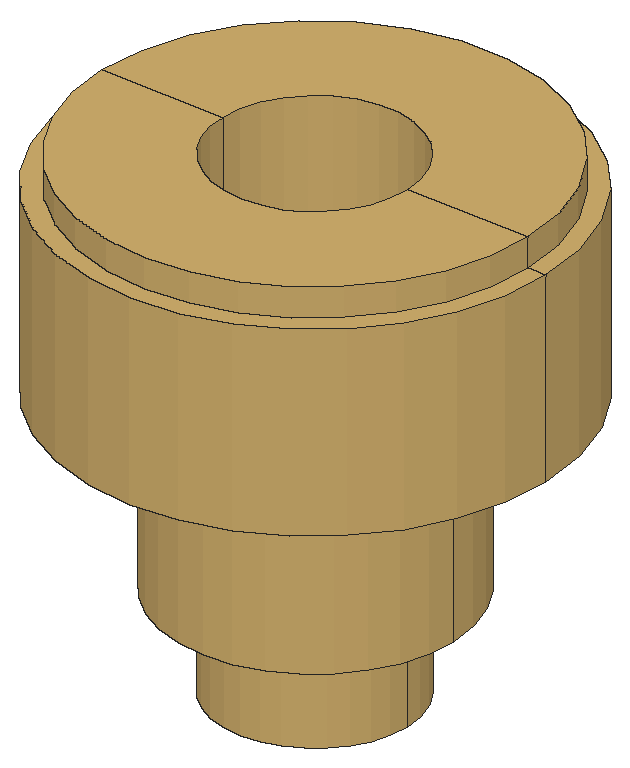
Revit family "check valve 2621 00 (01)", category Rohrzubehör, Revit 2021
Family settings
  Bemaßung runder Anschluss = Durchmesser verwenden
  Teiletyp = Normal
  OmniClass-Nummer = 23.65.55.14
  OmniClass-Titel = Valves for Liquid Services
  Arbeitsebenenbasiert = Nein
  Immer vertikal = Ja
  Beim Laden mit Abzugskörper schneiden = Nein
  Gemeinsam genutzt = Nein
Parameters
  max. Operating temperature = 110 °C  # constant formula
  max. Operating pressure = 1000000.0 Pa  # constant formula
  Vorgabe-Ansicht = 0.000 mm
  SCTWSEQ = "FW;SBT_TYP_FW=\"108\";2"
  SCTWCODE = "04;14;02"  # constant formula
  SCRNSEQ = "AWI;AWI_TYP=\"1007\";2"
  SCRNCODE = "05;17;02"  # constant formula
  Part number [instance] = if(Nennweite AG = 10.000 mm, 1262100, if(Nennweite AG = 15.000 mm, 1262101, 0))  # 1262101
  Nennweite IG = 10.000 mm  # constant formula
  URL = "www.herzvalves.com"
  Nennweite AG [instance] = 15.000 mm
  Medium = "water purity in accordance with the ÖNORM H 5195 and VDI 2035 standards"
  Hersteller = "Herz-Armaturen GmbH"  # constant formula
  H04 [instance] = if(Nennweite AG = 10.000 mm, 4.500 mm, if(Nennweite AG = 15.000 mm, 5.000 mm, 0.000 mm))  # 5.000 mm
  H03 = 9.500 mm  # constant formula
  H02 [instance] = if(Nennweite AG = 10.000 mm, 14.000 mm, if(Nennweite AG = 15.000 mm, 10.000 mm, 0.000 mm))  # 10.000 mm
  H01 = 9.500 mm  # constant formula
  H00 [instance] = if(Nennweite AG = 10.000 mm, 29.500 mm, if(Nennweite AG = 15.000 mm, 26.000 mm, 0.000 mm))  # 26.000 mm
  G2 [instance] = Nennweite IG / 2  # 5.000 mm
  G1 [instance] = Nennweite AG / 2  # 7.500 mm
  D03 [instance] = if(Nennweite AG = 10.000 mm, 3.500 mm, if(Nennweite AG = 15.000 mm, 5.000 mm, 0.000 mm))  # 5.000 mm
  D02 [instance] = if(Nennweite AG = 10.000 mm, 11.000 mm, if(Nennweite AG = 15.000 mm, 12.500 mm, 0.000 mm))  # 12.500 mm
  D01 [instance] = if(Nennweite AG = 10.000 mm, 10.000 mm, if(Nennweite AG = 15.000 mm, 11.500 mm, 0.000 mm))  # 11.500 mm
Reference planes
  plane 1 "Mitte (Vorne/hinten)": y = 0
  plane 2: z = 0
  plane 3 "Mitte (Links/rechts)": x = 0
Forms (mm)
  Revolve 1, solid, material "Messing", detail levels fine
    sketch origin (0, 0, 0) x (1, 0, 0) y (0, 0, 1)
      loop
        line (-11.5, 21) -> (-11.5, 19.5) -> (-12.5, 19.5) -> (-12.5, 9.5) -> (-7.5, 9.5) -> (-7.5, 0) -> (-5, 0) -> (-5, -5) -> (0, -5) -> (0, 11.5) -> (-5, 11.5) -> (-5, 21) -> (-11.5, 21)
      axis (0, 21) -> (0, -5)
    angle from 0 to 360
Lines and regions (mm)
  model lines, detail levels coarse+medium
    curve 1: line (-12.5, 0, 21) -> (12.5, 0, 21)
    curve 2: line (12.5, 0, 21) -> (-12.5, 0, -5)
    curve 3: line (-12.5, 0, -5) -> (12.5, 0, -5)
    curve 4: circle (-12.5, 0, -4.998) r 5 normal (0, -1, 0)
    curve 5: line (0, -12.5, 21) -> (0, 12.5, 21)
    curve 6: line (0, 12.5, 21) -> (0, -12.5, -5)
    curve 7: line (0, -12.5, -5) -> (0, 12.5, -5)
    curve 8: circle (0, -12.5, -5) r 5 normal (1, 0, 0)
Dimensions and locks
  "H02": Revolve 1 sketch curve to Revolve 1 sketch curve
  "D01": Revolve 1 sketch curve to Revolve 1 sketch curve
  "G1": Revolve 1 sketch curve to Revolve 1 sketch curve
  "H01": Revolve 1 sketch curve to Revolve 1 sketch curve
  "D02": Revolve 1 sketch curve to Revolve 1 sketch curve
  "G2": Revolve 1 sketch curve to Revolve 1 sketch curve
  "H03": Revolve 1 sketch curve to Revolve 1 sketch curve
  "H04": Revolve 1 sketch curve to Revolve 1 sketch curve
  "H00": Revolve 1 sketch curve to Revolve 1 sketch curve
  "D03": Revolve 1 sketch curve to Revolve 1 sketch curve
  "H00": curve 1 to curve 3
  "H04": plane 2 to curve 3
  "D02": curve 2 to plane 3 "Mitte (Links/rechts)" to curve 1
  "D02": curve 3 to plane 3 "Mitte (Links/rechts)" to curve 3
  "H00": curve 7 to curve 5
  "H04": plane 2 to curve 7
  "D02": curve 5 to plane 1 "Mitte (Vorne/hinten)" to curve 6
  "D02": curve 7 to plane 1 "Mitte (Vorne/hinten)" to curve 7
  aligned and locked: level to plane 2
Automatic sketch dimensions
  curve 8 to curve 6 = 0.000 mm  (x2)
  curve 4 to curve 2 = 0.000 mm
  curve 2 to curve 4 = 0.002 mm
  Revolve 1 sketch curve to level = 0.000 mm
  Revolve 1 sketch curve to plane 3 "Mitte (Links/rechts)" = 0.000 mm  (x2)
  Revolve 1 sketch curve to Revolve 1 sketch curve = 1992.000 mm
  Revolve 1 sketch curve to Revolve 1 sketch curve = 1979.000 mm
  radius of curve 8 = 5.000 mm
  radius of curve 4 = 5.000 mm
Connectors
  piping at (0, 0, 0), diameter 15, driven by "Nennweite AG"
    settings: on Revolve 1, index 1, connector inside diameter 609.6 mm, connector length 0.000 mm, flow factor 0, pipe flow 0.0 L/s, pressure drop 0.0 Pa, fitting loss kfactor 0, connector angle 0.00°, fixture units 0, engagement length 0.000 mm, angle of deflection 0.00°, flow configuration 0, flow direction 0, fitting loss method 0, system type 7, joint type 0, gender type 0, connector reference index -1, connector utility 0, adjustable connector no, is connector primary yes, connector description ""
  piping at (0, 0, 11.5), diameter 10, driven by "Nennweite IG"
    settings: on Revolve 1, index 2, connector inside diameter 609.6 mm, connector length 0.000 mm, flow factor 0, pipe flow 0.0 L/s, pressure drop 0.0 Pa, fitting loss kfactor 0, connector angle 0.00°, fixture units 0, engagement length 0.000 mm, angle of deflection 0.00°, flow configuration 0, flow direction 2, fitting loss method 0, system type 29, joint type 0, gender type 0, connector reference index -1, connector utility 0, adjustable connector no, is connector primary no, connector description ""
